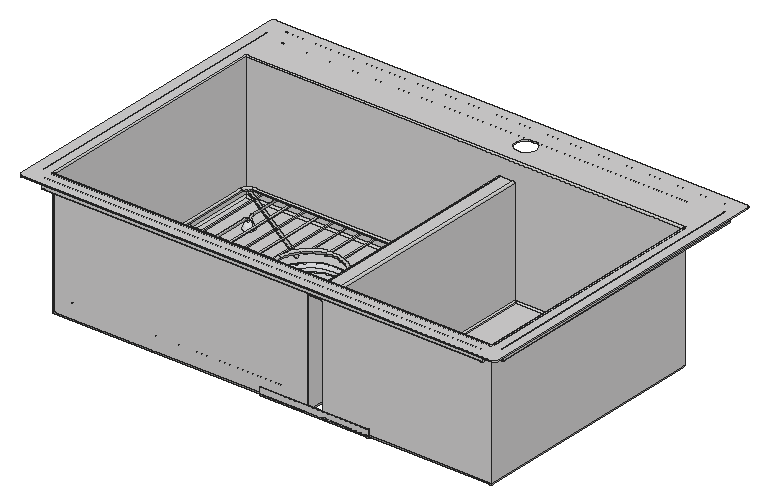
Revit family "Sink-Kitchen-KOHLER-Vault-K-3823_1", category Plumbing Fixtures, host Face, Revit 2015 (continued)
Definition of nested family "K-3823"
  Automatic sketch dimensions
    Sweep 33 sketch curve to Sweep 33 sketch curve = 1/4"
    plane 21 to Sweep 33 sketch curve = 1.15357"
    Sweep 33 sketch curve to plane 9 = 0.4175"
    Sweep 33 sketch curve to Sweep 33 sketch curve = 0.18861"
    Sweep 33 sketch curve to plane 3 "Center (Left/Right)" = 0.00467"
    Sweep 33 sketch curve to profile plane = 0.05252"
    Sweep 34 sketch curve to plane 21 = 1.15357"
    Sweep 34 sketch curve to plane 11 = 2.70139"
    Sweep 34 sketch curve to Sweep 34 sketch curve = 1/4"  (x2)
    plane 10 to Sweep 34 sketch curve = 2.7908"
    Sweep 34 sketch curve to Sweep 34 sketch curve = 0.18861"  (x2)
    Sweep 34 sketch curve to plane 3 "Center (Left/Right)" = 0.00467"
    profile plane to Sweep 34 sketch curve = 0.05252"
    Sweep 35 sketch curve to plane 10 = 2.23264"
    Sweep 35 sketch curve to Sweep 35 sketch curve = 1/4"
    plane 21 to Sweep 35 sketch curve = 1.15357"
    Sweep 35 sketch curve to Sweep 35 sketch curve = 0.46264"
    Sweep 35 sketch curve to Sweep 35 sketch curve = 0.18861"
    Sweep 35 sketch curve to plane 3 "Center (Left/Right)" = 0.00467"
    Sweep 35 sketch curve to profile plane = 0.05252"
    Sweep 36 sketch curve to plane 9 = 2.67795"
    Sweep 36 sketch curve to Sweep 36 sketch curve = 1/4"
    plane 21 to Sweep 36 sketch curve = 1.40357"
    Sweep 36 sketch curve to plane 9 = 0.4175"
    Sweep 36 sketch curve to Sweep 36 sketch curve = 0.18861"
    Sweep 36 sketch curve to profile plane = 0.00467"
    profile plane to Sweep 36 sketch curve = 0.05252"
    plane 21 to Sweep 37 sketch curve = 1.15357"
    plane 11 to Sweep 37 sketch curve = 2.70139"
    Sweep 37 sketch curve to Sweep 37 sketch curve = 1/4"  (x2)
    Sweep 37 sketch curve to plane 10 = 2.7908"
    Sweep 37 sketch curve to Sweep 37 sketch curve = 0.18861"  (x2)
    Sweep 37 sketch curve to profile plane = 0.00467"
    Sweep 37 sketch curve to profile plane = 0.05252"
    Sweep 38 sketch curve to plane 10 = 2.23264"
    Sweep 38 sketch curve to Sweep 38 sketch curve = 1/4"
    plane 21 to Sweep 38 sketch curve = 1.40357"
    Sweep 38 sketch curve to Sweep 38 sketch curve = 0.46264"
    Sweep 38 sketch curve to Sweep 38 sketch curve = 0.18861"
    Sweep 38 sketch curve to profile plane = 0.00467"
    profile plane to Sweep 38 sketch curve = 0.05252"
    Revolve 39 sketch curve to plane 14 = 0"  (x2)
    plane 21 to Revolve 39 sketch curve = 0.20364"
    Revolve 39 sketch curve to Revolve 39 sketch curve = 2.00974"
    Revolve 39 sketch curve to Revolve 39 sketch curve = 0.37046"
    plane 21 to Revolve 39 sketch curve = 0.24445"
    Revolve 39 sketch curve to plane 21 = 0.1829"
    Revolve 39 sketch curve to Revolve 39 sketch curve = 0.33911"
    Extrusion 40 sketch curve to plane 11 = 0"
    Extrusion 40 sketch curve to plane 14 = 0"
    Revolve 41 sketch curve to plane 13 = 0"  (x2)
    plane 15 to Revolve 41 sketch curve = 0.36526"
    Revolve 41 sketch curve to plane 15 = 0.0052"
    plane 21 to Revolve 41 sketch curve = 0.20364"
    plane 21 to Revolve 41 sketch curve = 0.24445"
    Revolve 41 sketch curve to plane 21 = 0.1829"
    Revolve 41 sketch curve to Revolve 41 sketch curve = 0.33911"
    Extrusion 42 sketch curve to plane 11 = 0"  (x4)
    Extrusion 42 sketch curve to plane 14 = 0"  (x2)
    Extrusion 42 sketch curve to plane 14 = 73/256"  (x2)
    Extrusion 42 sketch curve to plane 14 = 0.29338"  (x2)
    Extrusion 42 sketch curve to plane 14 = 0.31297"  (x2)
    Extrusion 42 sketch curve to Extrusion 42 sketch curve = 0.22918"  (x4)
    Extrusion 42 sketch curve to Extrusion 42 sketch curve = 0.27046"  (x4)
    Extrusion 42 sketch curve to Extrusion 42 sketch curve = 0.26625"  (x4)
    Extrusion 42 sketch curve to Extrusion 42 sketch curve = 0.0888"  (x2)
    Extrusion 42 sketch curve to Extrusion 42 sketch curve = 0.2114"  (x8)
    Extrusion 42 sketch curve to Extrusion 42 sketch curve = 0.24276"  (x4)
    Extrusion 42 sketch curve to Extrusion 42 sketch curve = 0.1349"  (x4)
    plane 11 to Extrusion 42 sketch curve = 0.00105"  (x2)
    Extrusion 42 sketch curve to Extrusion 42 sketch curve = 0.04717"  (x2)
    Extrusion 42 sketch curve to Extrusion 42 sketch curve = 0.2036"  (x4)
    Extrusion 42 sketch curve to Extrusion 42 sketch curve = 0.15196"  (x4)
    Extrusion 42 sketch curve to Extrusion 42 sketch curve = 0.095"  (x4)
    Extrusion 42 sketch curve to Extrusion 42 sketch curve = 0.03164"  (x2)
    plane 14 to Extrusion 42 sketch curve = 0.00034"  (x2)
    plane 14 to Extrusion 42 sketch curve = 0.00079"  (x2)
    plane 14 to Extrusion 42 sketch curve = 73/256"  (x2)
    plane 14 to Extrusion 42 sketch curve = 0.29338"  (x2)
    plane 14 to Extrusion 42 sketch curve = 0.31297"  (x2)
    Extrusion 42 sketch curve to plane 11 = 0.28428"  (x2)
    Extrusion 42 sketch curve to plane 11 = 0.29458"  (x2)
    Extrusion 42 sketch curve to plane 11 = 0.31262"  (x2)
    Extrusion 42 sketch curve to Extrusion 42 sketch curve = 0.22813"  (x4)
    Extrusion 42 sketch curve to Extrusion 42 sketch curve = 0.27082"  (x4)
    Extrusion 42 sketch curve to Extrusion 42 sketch curve = 0.264"  (x4)
    Extrusion 42 sketch curve to Extrusion 42 sketch curve = 0.08434"  (x2)
    Extrusion 42 sketch curve to Extrusion 42 sketch curve = 0.24375"  (x4)
    Extrusion 42 sketch curve to Extrusion 42 sketch curve = 0.1397"  (x4)
    Extrusion 42 sketch curve to Extrusion 42 sketch curve = 0.0433"  (x2)
    Extrusion 42 sketch curve to Extrusion 42 sketch curve = 0.2024"  (x4)
    Extrusion 42 sketch curve to Extrusion 42 sketch curve = 0.1518"  (x4)
    Extrusion 42 sketch curve to plane 1 "Center (Front/Back)" = 0.25308"  (x2)
    Extrusion 42 sketch curve to plane 1 "Center (Front/Back)" = 7/32"
    plane 11 to Extrusion 42 sketch curve = 0.28428"  (x2)
    plane 11 to Extrusion 42 sketch curve = 0.29458"  (x2)
    plane 11 to Extrusion 42 sketch curve = 0.31262"  (x2)
    Extrusion 42 sketch curve to Extrusion 42 sketch curve = 0.09386"  (x2)
    Extrusion 42 sketch curve to Extrusion 42 sketch curve = 0.03432"
    Revolve 43 sketch curve to plane 13 = 0"  (x2)
    plane 13 to Revolve 43 sketch curve = 0.05466"
    Revolve 43 sketch curve to Revolve 43 sketch curve = 0.2071"
    plane 21 to Revolve 43 sketch curve = 0.22812"
    Revolve 43 sketch curve to Revolve 43 sketch curve = 1.6198"
    plane 21 to Revolve 43 sketch curve = 0.26344"
    Revolve 43 sketch curve to Revolve 43 sketch curve = 0.05237"
    Revolve 43 sketch curve to Revolve 43 sketch curve = 0.05763"
    plane 21 to Revolve 43 sketch curve = 0.48718"
    Revolve 43 sketch curve to Revolve 43 sketch curve = 0.03277"
    Revolve 43 sketch curve to Revolve 43 sketch curve = 0.22769"
    Revolve 43 sketch curve to Revolve 43 sketch curve = 0.03088"
    Revolve 43 sketch curve to Revolve 43 sketch curve = 0.08165"
    plane 21 to Revolve 43 sketch curve = 0.04058"
    plane 21 to Revolve 43 sketch curve = 0.24951"
    Revolve 43 sketch curve to Revolve 43 sketch curve = 0.1332"
    Revolve 43 sketch curve to Revolve 43 sketch curve = 0.39321"
    Revolve 43 sketch curve to Revolve 43 sketch curve = 0.2503"
    Revolve 43 sketch curve to Revolve 43 sketch curve = 0.03108"
    Revolve 43 sketch curve to Revolve 43 sketch curve = 0"
    Revolve 43 sketch curve to Revolve 43 sketch curve = 0.1585"
    Revolve 43 sketch curve to Revolve 43 sketch curve = 13/64"
    Extrusion 44 sketch curve to plane 11 = 0"  (x4)
    Extrusion 44 sketch curve to plane 13 = 0"  (x2)
    Extrusion 44 sketch curve to plane 13 = 0.00034"  (x2)
    Extrusion 44 sketch curve to plane 13 = 0.28549"  (x2)
    Extrusion 44 sketch curve to plane 13 = 0.29372"  (x2)
    Extrusion 44 sketch curve to plane 13 = 0.31331"  (x2)
    Extrusion 44 sketch curve to Extrusion 44 sketch curve = 0.22918"  (x4)
    Extrusion 44 sketch curve to Extrusion 44 sketch curve = 0.27046"  (x4)
    Extrusion 44 sketch curve to Extrusion 44 sketch curve = 0.26625"  (x4)
    Extrusion 44 sketch curve to Extrusion 44 sketch curve = 0.0888"  (x2)
    Extrusion 44 sketch curve to Extrusion 44 sketch curve = 0.2114"  (x8)
    Extrusion 44 sketch curve to Extrusion 44 sketch curve = 0.24276"  (x4)
    Extrusion 44 sketch curve to Extrusion 44 sketch curve = 0.1349"  (x4)
    plane 11 to Extrusion 44 sketch curve = 0.00105"  (x2)
    Extrusion 44 sketch curve to Extrusion 44 sketch curve = 0.04717"  (x2)
    Extrusion 44 sketch curve to Extrusion 44 sketch curve = 0.2036"  (x4)
    Extrusion 44 sketch curve to Extrusion 44 sketch curve = 0.15196"  (x4)
    Extrusion 44 sketch curve to Extrusion 44 sketch curve = 0.095"  (x4)
    Extrusion 44 sketch curve to Extrusion 44 sketch curve = 0.03164"  (x2)
    plane 13 to Extrusion 44 sketch curve = 0.00045"  (x2)
    plane 13 to Extrusion 44 sketch curve = 0.2848"  (x2)
    plane 13 to Extrusion 44 sketch curve = 0.29304"  (x2)
    plane 13 to Extrusion 44 sketch curve = 0.31262"  (x2)
    Extrusion 44 sketch curve to plane 11 = 0.28428"  (x2)
    Extrusion 44 sketch curve to plane 11 = 0.29458"  (x2)
    Extrusion 44 sketch curve to plane 11 = 0.31262"  (x2)
    Extrusion 44 sketch curve to Extrusion 44 sketch curve = 0.22813"  (x4)
    Extrusion 44 sketch curve to Extrusion 44 sketch curve = 0.27082"  (x4)
    Extrusion 44 sketch curve to Extrusion 44 sketch curve = 0.264"  (x4)
    Extrusion 44 sketch curve to Extrusion 44 sketch curve = 0.08434"  (x2)
    Extrusion 44 sketch curve to Extrusion 44 sketch curve = 0.24375"  (x4)
    Extrusion 44 sketch curve to Extrusion 44 sketch curve = 0.1397"  (x4)
    Extrusion 44 sketch curve to Extrusion 44 sketch curve = 0.0433"  (x2)
    Extrusion 44 sketch curve to Extrusion 44 sketch curve = 0.2024"  (x4)
    Extrusion 44 sketch curve to Extrusion 44 sketch curve = 0.1518"  (x4)
    Extrusion 44 sketch curve to plane 1 "Center (Front/Back)" = 0.25308"  (x2)
    Extrusion 44 sketch curve to plane 1 "Center (Front/Back)" = 7/32"
    plane 11 to Extrusion 44 sketch curve = 0.28428"  (x2)
    plane 11 to Extrusion 44 sketch curve = 0.29458"  (x2)
    plane 11 to Extrusion 44 sketch curve = 0.31262"  (x2)
    Extrusion 44 sketch curve to Extrusion 44 sketch curve = 0.09386"  (x2)
    Extrusion 44 sketch curve to Extrusion 44 sketch curve = 0.03432"
    Revolve 45 sketch curve to plane 22 = 0"
    plane 21 to Revolve 45 sketch curve = 0.33961"
    Revolve 45 sketch curve to plane 14 = 2.28545"
    Revolve 45 sketch curve to plane 21 = 0.07376"
    Revolve 45 sketch curve to Revolve 45 sketch curve = 0.08314"
    plane 21 to Revolve 45 sketch curve = 0.0561"
    Revolve 45 sketch curve to Revolve 45 sketch curve = 0.15475"
    Revolve 45 sketch curve to Revolve 45 sketch curve = 0.19803"
    Revolve 45 sketch curve to Revolve 45 sketch curve = 0.47981"
    Revolve 45 sketch curve to Revolve 45 sketch curve = 0.19779"
    Revolve 45 sketch curve to Revolve 45 sketch curve = 0.06592"
    plane 14 to Revolve 45 sketch curve = 0.00089"  (x2)
    Revolve 45 sketch curve to Revolve 45 sketch curve = 1.03928"
    Revolve 45 sketch curve to plane 22 = 0.44792"
    Revolve 45 sketch curve to Revolve 45 sketch curve = 0.30208"
    Extrusion 46 sketch curve to plane 9 = 0.17136"
    plane 7 to Extrusion 46 sketch curve = 0.68202"
    plane 17 to Extrusion 46 sketch curve = 1.52864"
    Extrusion 46 sketch curve to plane 10 = 1.53386"
    Extrusion 47 sketch curve to plane 9 = 0.17136"
    plane 4 to Extrusion 47 sketch curve = 1.53386"
    Extrusion 47 sketch curve to plane 7 = 0.68202"
    Extrusion 47 sketch curve to plane 10 = 1.53386"
    Extrusion 11 sketch curve to plane 9 = 0.08428"
    Extrusion 11 sketch curve to plane 9 = 0.0355"
    plane 9 to Extrusion 11 sketch curve = 0.12221"
    Extrusion 11 sketch curve to Extrusion 11 sketch curve = 0.00399"
    plane 9 to Extrusion 11 sketch curve = 0.13847"
    Extrusion 11 sketch curve to Extrusion 11 sketch curve = 0.00944"
    Extrusion 11 sketch curve to plane 21 = 0.51971"
    Extrusion 11 sketch curve to Extrusion 11 sketch curve = 0.05903"
    Extrusion 11 sketch curve to Extrusion 11 sketch curve = 0.38212"
    Extrusion 11 sketch curve to Extrusion 11 sketch curve = 0.39257"
    Extrusion 11 sketch curve to Extrusion 11 sketch curve = 0.00204"
    Extrusion 11 sketch curve to Extrusion 11 sketch curve = 0.03686"
    Extrusion 11 sketch curve to Extrusion 11 sketch curve = 0.05847"
    curve 21 to curve 22 = 0"  (x2)
    curve 40 to curve 47 = 0"  (x2)
    curve 41 to curve 45 = 0"  (x2)
    curve 42 to curve 51 = 0"  (x2)
    curve 43 to curve 49 = 0"  (x2)
    curve 83 to curve 200 = 0"  (x2)
    curve 194 to curve 195 = 0"  (x2)
    curve 196 to curve 197 = 0"  (x2)
    curve 198 to curve 199 = 0"  (x2)
    curve 202 to curve 203 = 0"  (x2)
    curve 215 to curve 217 = 0"  (x2)
    curve 216 to curve 218 = 0"  (x2)
    curve 34 to plane 9 = 0"
    curve 302 to plane 11 = 0"
    curve 316 to plane 11 = 0"
    curve 200 to plane 11 = 0"
    curve 200 to plane 14 = 0"
    curve 309 to plane 14 = 0"
    curve 341 to plane 14 = 0"
    curve 332 to plane 11 = 0"
    curve 320 to plane 11 = 0"
    curve 218 to plane 12 = 0"
    curve 194 to plane 3 "Center (Left/Right)" = 0"
    curve 196 to plane 3 "Center (Left/Right)" = 0"
    curve 213 to plane 7 = 0"
    curve 26 to plane 9 = 0"
    curve 215 to plane 12 = 0"
    curve 215 to plane 15 = 0"
    curve 242 to plane 11 = 0"
    curve 256 to plane 11 = 0"
    curve 249 to plane 13 = 0"
    curve 281 to plane 13 = 0"
    curve 201 to plane 11 = 0"
    curve 201 to plane 13 = 0"
    curve 272 to plane 11 = 0"
    curve 260 to plane 11 = 0"
    curve 214 to plane 12 = 0"
    curve 214 to plane 17 = 0"
    curve 213 to plane 12 = 0"
    curve 319 to plane 14 = 0.00034"
    curve 349 to plane 14 = 0.00034"
    curve 35 to plane 14 = 0.0005"
    curve 89 to plane 11 = 0.00096"
    curve 89 to curve 35 = 0.0129"
    curve 82 to plane 11 = 0.00097"
    curve 82 to curve 89 = 0.00183"
    curve 308 to plane 14 = 0.28549"
    curve 340 to plane 14 = 0.28549"
    curve 343 to plane 14 = 0.29372"
    curve 311 to plane 14 = 0.29372"
    curve 318 to plane 14 = 0.31331"
    curve 348 to plane 14 = 0.31331"
    curve 81 to plane 14 = 0.45041"
    curve 80 to plane 14 = 0.48446"
    curve 317 to curve 318 = 0.22918"
    curve 347 to curve 348 = 0.22918"
    curve 307 to curve 308 = 0.27046"
    curve 339 to curve 340 = 0.27046"
    curve 344 to curve 343 = 0.26625"
    curve 312 to curve 311 = 0.26625"
    curve 316 to curve 317 = 0.0888"
    curve 313 to curve 312 = 0.2114"  (x2)
    curve 345 to curve 344 = 0.2114"
    curve 306 to curve 307 = 0.24276"
    curve 338 to curve 339 = 0.24276"
    curve 346 to curve 345 = 0.1349"
    curve 314 to curve 313 = 0.1349"
    plane 11 to curve 315 = 0.00105"
    curve 315 to curve 314 = 0.04717"
    curve 305 to curve 306 = 0.2036"
    curve 337 to curve 338 = 0.2036"
    curve 336 to curve 337 = 0.15196"
    curve 304 to curve 305 = 0.15196"
    curve 303 to curve 304 = 0.095"
    curve 335 to curve 336 = 0.095"
    curve 302 to curve 303 = 0.03164"
    plane 4 to curve 228 = 3.80043"
    plane 4 to curve 236 = 3.80043"
    curve 232 to curve 236 = 0"
    curve 233 to curve 233 = 0.04951"
    curve 230 to curve 230 = 0.04951"
    curve 229 to curve 229 = 0.04951"
    curve 198 to curve 234 = 0.00091"
    curve 203 to curve 229 = 0.00091"
    curve 36 to plane 9 = 0.51769"
    curve 36 to curve 227 = 1.27683"
    curve 43 to curve 235 = 1.27758"
    curve 37 to curve 40 = 0.57498"
    curve 48 to curve 40 = 49/256"
    curve 33 to curve 49 = 1.04713"
    plane 14 to curve 310 = 0.00045"
    plane 14 to curve 342 = 0.00045"
    plane 14 to curve 326 = 0.2848"
    plane 14 to curve 355 = 0.2848"
    plane 14 to curve 356 = 0.29304"
    plane 14 to curve 327 = 0.29304"
    plane 14 to curve 361 = 0.31262"
    plane 14 to curve 334 = 0.31262"
    curve 334 to curve 333 = 0.22918"
    curve 361 to curve 360 = 0.22918"
    curve 355 to curve 354 = 0.27046"
    curve 326 to curve 325 = 0.27046"
    curve 327 to curve 328 = 0.26625"
    curve 356 to curve 357 = 0.26625"
    curve 333 to curve 332 = 0.0888"
    curve 357 to curve 358 = 0.2114"  (x2)
    curve 328 to curve 329 = 0.2114"
    curve 354 to curve 353 = 0.24276"
    curve 325 to curve 324 = 0.24276"
    curve 329 to curve 330 = 0.1349"
    curve 358 to curve 359 = 0.1349"
    plane 11 to curve 331 = 0.00105"
    curve 330 to curve 331 = 0.04717"
    curve 353 to curve 352 = 0.2036"
    curve 324 to curve 323 = 0.2036"
    curve 323 to curve 322 = 0.15196"
    curve 352 to curve 351 = 0.15196"
    curve 322 to curve 321 = 0.095"
    curve 351 to curve 350 = 0.095"
    curve 321 to curve 320 = 0.03164"
    plane 16 to curve 218 = 0.03502"
    curve 222 to plane 3 "Center (Left/Right)" = 0.05043"
    curve 226 to plane 3 "Center (Left/Right)" = 0.05043"
    curve 55 to plane 3 "Center (Left/Right)" = 0.05043"
    curve 224 to plane 3 "Center (Left/Right)" = 0.00091"
    curve 223 to plane 3 "Center (Left/Right)" = 0.00091"
    curve 220 to plane 3 "Center (Left/Right)" = 0.00091"
    curve 225 to curve 42 = 1.27504"
    curve 98 to curve 41 = 1.27504"
    curve 41 to curve 39 = 147/256"
    curve 32 to plane 7 = 0.56283"
    plane 7 to curve 29 = 0.5615"
    plane 15 to curve 242 = 1.0941"
    curve 242 to curve 275 = 0.03164"
    curve 242 to curve 243 = 0.03164"
    curve 243 to curve 244 = 0.095"
    curve 275 to curve 276 = 0.095"
    curve 276 to curve 277 = 0.15196"
    curve 244 to curve 245 = 0.15196"
    plane 11 to curve 255 = 0.00105"
    curve 242 to curve 255 = 0.32746"
    curve 255 to curve 254 = 0.04717"
    curve 255 to curve 286 = 0.04717"
    curve 245 to curve 246 = 0.2036"
    curve 277 to curve 278 = 0.2036"
    curve 286 to curve 285 = 0.1349"
    curve 254 to curve 253 = 0.1349"
    curve 255 to curve 256 = 0.32215"
    curve 253 to curve 252 = 0.2114"  (x2)
    curve 285 to curve 284 = 0.2114"
    curve 278 to curve 279 = 0.24276"
    curve 246 to curve 247 = 0.24276"
    curve 256 to curve 257 = 0.0888"
    curve 256 to curve 287 = 0.0888"
    curve 258 to plane 13 = 0.31331"
    curve 288 to plane 13 = 0.31331"
    curve 251 to plane 13 = 0.29372"
    curve 283 to plane 13 = 0.29372"
    curve 248 to plane 13 = 0.28549"
    curve 280 to plane 13 = 0.28549"
    curve 21 to plane 13 = 0.0005"
    curve 259 to plane 13 = 0.00034"
    curve 289 to plane 13 = 0.00034"
    plane 13 to curve 282 = 0.00045"
    plane 13 to curve 250 = 0.00045"
    plane 13 to curve 295 = 0.2848"
    plane 13 to curve 266 = 0.2848"
    plane 13 to curve 267 = 0.29304"
    plane 13 to curve 296 = 0.29304"
    plane 13 to curve 301 = 0.31262"
    plane 13 to curve 274 = 0.31262"
    curve 301 to curve 300 = 0.22918"
    curve 274 to curve 273 = 0.22918"
    curve 266 to curve 265 = 0.27046"
    curve 295 to curve 294 = 0.27046"
    curve 296 to curve 297 = 0.26625"
    curve 267 to curve 268 = 0.26625"
    curve 273 to curve 272 = 0.0888"
    curve 297 to curve 298 = 0.2114"  (x2)
    curve 268 to curve 269 = 0.2114"
    curve 265 to curve 264 = 0.24276"
    curve 294 to curve 293 = 0.24276"
    curve 298 to curve 299 = 0.1349"
    curve 269 to curve 270 = 0.1349"
    plane 11 to curve 271 = 0.00105"
    curve 270 to curve 271 = 0.04717"
    curve 264 to curve 263 = 0.2036"
    curve 293 to curve 292 = 0.2036"
    curve 263 to curve 262 = 0.15196"
    curve 292 to curve 291 = 0.15196"
    curve 262 to curve 261 = 0.095"
    curve 291 to curve 290 = 0.095"
    curve 261 to curve 260 = 0.03164"
    plane 5 to curve 27 = 1.37076"
    curve 236 to plane 10 = 2.67628"
    curve 224 to plane 10 = 2.67628"
    curve 199 to curve 234 = 0.11354"
    curve 197 to curve 224 = 0.11354"
    curve 235 to curve 198 = 0.11354"
    curve 225 to curve 196 = 0.11354"
    curve 44 to curve 225 = 0.01158"
    curve 34 to curve 49 = 0.29531"
    curve 24 to curve 32 = 0.00089"
    curve 281 to plane 1 "Center (Front/Back)" = 7/32"
    curve 341 to plane 1 "Center (Front/Back)" = 7/32"
    curve 295 to plane 1 "Center (Front/Back)" = 0.25308"
    curve 280 to plane 1 "Center (Front/Back)" = 0.25308"
    curve 340 to plane 1 "Center (Front/Back)" = 0.25308"
    curve 355 to plane 1 "Center (Front/Back)" = 0.25308"
    curve 280 to curve 279 = 0.09386"
    curve 340 to curve 339 = 0.09386"
    curve 295 to curve 294 = 0.09386"
    curve 355 to curve 354 = 0.09386"
    curve 279 to curve 278 = 0.1518"
    curve 354 to curve 353 = 0.1518"
    curve 294 to curve 293 = 0.1518"
    curve 339 to curve 338 = 0.1518"
    curve 281 to curve 282 = 0.32827"
    curve 341 to curve 342 = 0.32827"
    curve 282 to curve 283 = 0.0433"
    curve 342 to curve 356 = 0.0433"
    curve 342 to curve 343 = 0.0433"
    curve 282 to curve 296 = 0.0433"
    curve 353 to curve 352 = 0.2024"
    curve 278 to curve 277 = 0.2024"
    curve 338 to curve 337 = 0.2024"
    curve 293 to curve 292 = 0.2024"
    curve 343 to curve 344 = 0.1397"
    curve 296 to curve 297 = 0.1397"
    curve 283 to curve 284 = 0.1397"
    curve 356 to curve 357 = 0.1397"
    curve 282 to curve 289 = 0.32788"
    curve 342 to curve 349 = 0.32788"
    curve 344 to curve 345 = 0.2114"
    curve 284 to curve 285 = 0.2114"
    curve 337 to curve 336 = 0.24375"
    curve 292 to curve 291 = 0.24375"
    curve 352 to curve 351 = 0.24375"
    curve 277 to curve 276 = 0.24375"
    curve 349 to curve 361 = 0.08434"
    curve 289 to curve 288 = 0.08434"
    curve 289 to curve 301 = 0.08434"
    curve 349 to curve 348 = 0.08434"
    curve 300 to plane 11 = 0.31262"
    curve 287 to plane 11 = 0.31262"
    curve 347 to plane 11 = 0.31262"
    curve 360 to plane 11 = 0.31262"
    curve 286 to plane 11 = 0.29458"
    curve 346 to plane 11 = 0.29458"
    curve 359 to plane 11 = 0.29458"
    curve 299 to plane 11 = 0.29458"
    curve 350 to plane 11 = 0.28428"
    curve 335 to plane 11 = 0.28428"
    curve 290 to plane 11 = 0.28428"
    curve 275 to plane 11 = 0.28428"
    curve 35 to plane 11 = 0.00319"
    curve 22 to plane 11 = 0.00319"
    plane 11 to curve 321 = 0.28428"
    plane 11 to curve 243 = 0.28428"
    plane 11 to curve 303 = 0.28428"
    plane 11 to curve 261 = 0.28428"
    plane 11 to curve 270 = 0.29458"
    plane 11 to curve 314 = 0.29458"
    plane 11 to curve 254 = 0.29458"
    plane 11 to curve 330 = 0.29458"
    plane 11 to curve 257 = 0.31262"
    plane 11 to curve 333 = 0.31262"
    plane 11 to curve 317 = 0.31262"
    plane 11 to curve 273 = 0.31262"
    curve 273 to curve 274 = 0.22813"
    curve 257 to curve 258 = 0.22813"
    curve 317 to curve 318 = 0.22813"
    curve 333 to curve 334 = 0.22813"
    curve 243 to curve 244 = 0.27082"
    curve 321 to curve 322 = 0.27082"
    curve 261 to curve 262 = 0.27082"
    curve 303 to curve 304 = 0.27082"
    curve 270 to curve 269 = 0.264"
    curve 254 to curve 253 = 0.264"
    curve 314 to curve 313 = 0.264"
    curve 330 to curve 329 = 0.264"
    curve 334 to curve 319 = 0.08434"
    curve 274 to curve 259 = 0.08434"
    curve 329 to curve 328 = 0.2114"
    curve 269 to curve 268 = 0.2114"
    curve 322 to curve 323 = 0.24375"
    curve 304 to curve 305 = 0.24375"
    curve 244 to curve 245 = 0.24375"
    curve 262 to curve 263 = 0.24375"
    curve 252 to curve 251 = 0.1397"
    curve 312 to curve 311 = 0.1397"
    curve 328 to curve 327 = 0.1397"
    curve 268 to curve 267 = 0.1397"
    curve 267 to curve 250 = 0.0433"
    curve 327 to curve 310 = 0.0433"
    curve 263 to curve 264 = 0.2024"
    curve 305 to curve 306 = 0.2024"
    curve 245 to curve 246 = 0.2024"
    curve 323 to curve 324 = 0.2024"
    curve 264 to curve 265 = 0.1518"
    curve 306 to curve 307 = 0.1518"
    curve 246 to curve 247 = 0.1518"
    curve 324 to curve 325 = 0.1518"
    curve 325 to curve 326 = 0.09386"
    curve 247 to curve 248 = 0.09386"
    curve 307 to curve 308 = 0.09386"
    curve 265 to curve 266 = 0.09386"
    curve 266 to curve 249 = 0.03432"
    curve 326 to curve 309 = 0.03432"
    curve 226 to curve 41 = 1.73263"
    curve 229 to curve 40 = 1.73188"
    curve 219 to curve 194 = 0.11354"
    curve 229 to curve 203 = 0.11354"
    curve 202 to curve 230 = 0.11354"
    curve 194 to curve 220 = 0.11354"
    curve 90 to curve 81 = 0.09013"
    curve 92 to curve 89 = 0.05618"
    plane 1 "Center (Front/Back)" to curve 168 = 0.20935"
    plane 1 "Center (Front/Back)" to curve 165 = 0.13082"
    curve 79 to curve 90 = 0.88468"
    curve 86 to curve 306 = 0.62652"
    plane 1 "Center (Front/Back)" to curve 167 = 0.30193"
    curve 167 to curve 168 = 0.10359"
    curve 78 to curve 86 = 0.10359"
    plane 11 to curve 149 = 1.2245"
    plane 11 to curve 137 = 1.06589"
    plane 11 to curve 157 = 0.11295"
    curve 164 to plane 11 = 0.11295"
    curve 170 to curve 170 = 0.87327"
    curve 156 to curve 157 = 0.09903"
    curve 163 to plane 11 = 0.11295"
    curve 163 to curve 163 = 0.88507"
    curve 74 to curve 75 = 0.09903"
    curve 171 to curve 174 = 0.87715"
    curve 173 to curve 171 = 0.09903"
    curve 143 to plane 9 = 1.99076"
    curve 202 to curve 143 = 0.97735"
    curve 70 to curve 71 = 0.09903"
    curve 43 to curve 176 = 0.40569"
    curve 68 to curve 69 = 0.09903"
    curve 138 to plane 9 = 0.51819"
    curve 140 to plane 9 = 0.58668"
    curve 166 to plane 10 = 1.95907"
    curve 178 to curve 166 = 0.13294"
    plane 14 to curve 67 = 0.44161"
    plane 14 to curve 85 = 0.44161"
    curve 85 to curve 66 = 0.09903"
    curve 67 to curve 88 = 0.09903"
    plane 1 "Center (Front/Back)" to curve 124 = 0.19724"
    plane 1 "Center (Front/Back)" to curve 96 = 0.11263"
    curve 88 to curve 65 = 0.88459"
    curve 324 to curve 84 = 0.6272"
    plane 1 "Center (Front/Back)" to curve 123 = 0.28335"
    curve 124 to curve 123 = 0.0893"
    curve 84 to curve 64 = 0.09903"
    plane 11 to curve 108 = 1.21233"
    plane 11 to curve 93 = 1.05302"
    plane 11 to curve 115 = 0.11295"
    curve 186 to curve 115 = 0"
    curve 122 to plane 11 = 0.11295"
    curve 193 to curve 122 = 0"
    curve 126 to curve 123 = 0.88756"
    curve 93 to curve 109 = 0.09903"
    curve 62 to curve 61 = 0.88507"
    curve 121 to curve 120 = 0.09903"
    plane 16 to curve 104 = 0.95014"
    curve 107 to curve 105 = 0.09903"
    curve 57 to plane 16 = 0.03472"
    curve 112 to curve 182 = 0.09903"
    plane 11 to curve 181 = 0.11295"
    curve 110 to curve 181 = 0.8719"
    curve 136 to curve 97 = 0.09903"
    curve 94 to plane 9 = 0.51826"
    curve 99 to plane 9 = 0.58725"
    curve 38 to curve 97 = 0.31904"
    curve 97 to curve 135 = 0.13254"
    plane 15 to curve 26 = 0.76258"
    plane 1 "Center (Front/Back)" to curve 24 = 0.45799"
    curve 24 to curve 279 = 0.46828"
    plane 1 "Center (Front/Back)" to curve 23 = 0.45681"
    curve 294 to curve 23 = 0.47122"
    curve 263 to curve 25 = 0.61027"
    curve 167 to curve 167 = 1.13622"
    plane 1 "Center (Front/Back)" to curve 123 = 1.43815"
    curve 169 to curve 167 = 0.12884"
    curve 125 to curve 123 = 0.12884"
    curve 170 to curve 169 = 0.10369"
    curve 126 to curve 125 = 0.10369"
    curve 128 to curve 126 = 0.12995"
    curve 172 to curve 170 = 0.12995"
    curve 169 to curve 172 = 0.91793"
    curve 125 to curve 128 = 0.91793"
    curve 127 to curve 125 = 0.12884"
    curve 171 to curve 169 = 0.12884"
    curve 172 to curve 171 = 0.1048"
    curve 128 to curve 127 = 0.1048"
    curve 174 to curve 172 = 0.13982"
    curve 130 to curve 128 = 0.13982"
    curve 171 to curve 174 = 0.89664"
    curve 127 to curve 130 = 0.89664"
    curve 129 to curve 127 = 0.11896"
    curve 173 to curve 171 = 0.11896"
    curve 174 to curve 173 = 0.13544"
    curve 130 to curve 129 = 0.13544"
    curve 132 to curve 130 = 0.11958"
    curve 175 to curve 174 = 0.11958"
    curve 173 to curve 175 = 0.90743"
    curve 129 to curve 132 = 0.90743"
    curve 131 to curve 129 = 0.11905"
    curve 132 to curve 131 = 0.13597"
    curve 175 to curve 173 = 0.25502"
    curve 177 to curve 175 = 0.14032"
    curve 134 to curve 132 = 0.14032"
    curve 131 to curve 134 = 0.87629"
    curve 176 to curve 177 = 1.00513"
    curve 133 to curve 131 = 0.12884"
    curve 177 to curve 176 = 0.14745"
    curve 134 to curve 133 = 0.14745"
    curve 136 to curve 134 = 0.12995"
    curve 179 to curve 177 = 0.12995"
    curve 43 to curve 176 = 0.75739"
    curve 42 to curve 133 = 0.75739"
    curve 135 to curve 133 = 0.12884"
    curve 178 to curve 176 = 0.12884"
    curve 221 to curve 197 = 0.2479"
    curve 231 to curve 198 = 0.2479"
    curve 196 to curve 197 = 0.00025"
    curve 199 to curve 198 = 0.00025"
    curve 179 to curve 178 = 0.15828"
    curve 136 to curve 135 = 0.15828"
    curve 166 to curve 179 = 0.12995"
    curve 97 to curve 136 = 0.12995"
    curve 170 to curve 167 = 0.22279"
    curve 126 to curve 123 = 0.22264"
    curve 124 to curve 123 = 27/256"
    curve 168 to curve 167 = 0.08686"
    curve 165 to curve 165 = 0.04166"
    curve 96 to curve 96 = 0.05985"
    curve 116 to plane 11 = 0.11295"
    curve 187 to curve 116 = 0"
    curve 188 to curve 187 = 0"
    curve 189 to curve 188 = 0"
    curve 117 to curve 188 = 0"
    curve 190 to plane 11 = 0.11295"
    curve 191 to curve 190 = 0"
    curve 192 to curve 191 = 0"
    curve 118 to curve 189 = 0"
    curve 119 to curve 190 = 0"
    curve 120 to curve 191 = 0"
    curve 121 to curve 192 = 0"
    curve 158 to plane 11 = 0.11295"
    curve 158 to curve 159 = 0"
    curve 162 to curve 163 = 0"
    curve 161 to curve 162 = 0"
    curve 160 to curve 161 = 0"
    plane 11 to curve 156 = 0.11295"
    curve 155 to curve 156 = 0"
    plane 11 to curve 151 = 0.11295"
    curve 154 to curve 155 = 0"
    curve 153 to curve 154 = 0"
    curve 152 to curve 153 = 0"
    plane 11 to curve 95 = 0.11295"
    curve 115 to curve 185 = 0"
    curve 185 to curve 184 = 0"
    curve 184 to curve 183 = 0"
    curve 114 to curve 185 = 0"
    curve 113 to curve 184 = 0"
    curve 112 to curve 183 = 0"
    curve 112 to curve 111 = 0"
    curve 110 to curve 181 = 0"
    curve 182 to curve 111 = 0"
    curve 180 to curve 95 = 0"
    curve 137 to curve 137 = 0.3348"
    curve 93 to curve 93 = 0.34768"
    curve 137 to curve 150 = 0.06134"
    curve 93 to curve 109 = 0.06134"
    curve 263 to curve 25 = 0.7125"
    curve 150 to curve 149 = 41/256"
    curve 109 to curve 108 = 41/256"
    curve 108 to curve 106 = 0.0611"
    curve 149 to curve 147 = 0.0611"
    curve 147 to curve 150 = 0.32708"
    curve 106 to curve 109 = 0.32708"
    curve 109 to curve 107 = 0.06107"
    curve 150 to curve 148 = 0.06107"
    curve 148 to curve 147 = 41/256"
    curve 107 to curve 106 = 41/256"
    curve 147 to curve 145 = 0.0616"
    curve 106 to curve 104 = 0.0616"
    curve 203 to curve 229 = 0.2479"
    curve 195 to curve 219 = 0.2479"
    curve 203 to curve 202 = 0.00025"
    curve 195 to curve 194 = 0.00025"
    curve 104 to curve 107 = 0.32165"
    curve 145 to curve 148 = 0.32165"
    curve 107 to curve 105 = 0.06109"
    curve 148 to curve 146 = 0.06109"
    curve 146 to curve 145 = 0.16067"
    curve 105 to curve 104 = 0.16067"
    curve 145 to curve 143 = 0.06135"
    curve 104 to curve 102 = 0.06135"
    curve 102 to curve 105 = 0.32654"
    curve 146 to curve 143 = 0.22225"
    curve 105 to curve 103 = 0.06133"
    curve 146 to curve 144 = 0.06133"
    curve 103 to curve 102 = 0.16092"
    curve 143 to curve 141 = 0.06135"
    curve 102 to curve 100 = 0.06135"
    curve 194 to curve 103 = 0.74228"
    curve 202 to curve 144 = 0.74228"
    curve 103 to curve 101 = 0.06108"
    curve 144 to curve 142 = 0.06108"
    curve 142 to curve 141 = 0.16119"
    curve 101 to curve 100 = 0.16119"
    curve 141 to curve 139 = 0.06135"
    curve 100 to curve 98 = 0.06135"
    curve 40 to curve 142 = 0.08613"
    curve 41 to curve 101 = 0.08537"
    curve 142 to curve 140 = 0.06132"
    curve 101 to curve 99 = 0.06132"
    curve 140 to curve 139 = 0.16144"
    curve 99 to curve 98 = 0.16144"
    curve 98 to curve 94 = 0.06135"
    curve 139 to curve 138 = 0.06135"
    Extrusion 49 sketch curve to plane 11 = 0"  (x2)
    Extrusion 49 sketch curve to plane 14 = 0"
    Extrusion 49 sketch curve to plane 13 = 0"
    Masking region 2 sketch curve to level = 0"  (x4)
    Masking region 2 sketch curve to plane 10 = 0"
    Masking region 2 sketch curve to plane 18 = 0"  (x2)
    Masking region 2 sketch curve to plane 22 = 0"
    Masking region 2 sketch curve to plane 8 = 0"
    plane 6 to Masking region 2 sketch curve = 0"
    Masking region 2 sketch curve to level = 0.19756"
    Masking region 2 sketch curve to plane 10 = 0.45"
    Masking region 2 sketch curve to Masking region 2 sketch curve = 0.03"  (x2)
    Masking region 2 sketch curve to Masking region 2 sketch curve = 0.02582"
    Masking region 2 sketch curve to Masking region 2 sketch curve = 0.00043"  (x3)
    Masking region 2 sketch curve to level = 0.02705"  (x4)
    Masking region 2 sketch curve to Masking region 2 sketch curve = 0.06821"
    Masking region 2 sketch curve to level = 0.03"  (x2)
    Masking region 2 sketch curve to Masking region 2 sketch curve = 0.03292"  (x3)
    Masking region 2 sketch curve to Masking region 2 sketch curve = 0.01387"  (x4)
    Masking region 2 sketch curve to level = 0.054"
    Masking region 2 sketch curve to Masking region 2 sketch curve = 0.135"  (x2)
    Masking region 2 sketch curve to Masking region 2 sketch curve = 0.2"
    Masking region 2 sketch curve to Masking region 2 sketch curve = 0.03141"
    Masking region 2 sketch curve to Masking region 2 sketch curve = 0.02482"
    Masking region 2 sketch curve to Masking region 2 sketch curve = 0.05109"
    Masking region 2 sketch curve to Masking region 2 sketch curve = 3/8"
    Masking region 2 sketch curve to plane 10 = 1.279"
    Masking region 2 sketch curve to Masking region 2 sketch curve = 0.048"
    plane 21 to Masking region 2 sketch curve = 0.5234"
    Masking region 2 sketch curve to Masking region 2 sketch curve = 0.16574"
    Masking region 2 sketch curve to Masking region 2 sketch curve = 0.17193"
    plane 21 to Masking region 2 sketch curve = 0.55585"
    Masking region 2 sketch curve to Masking region 2 sketch curve = 0.43987"
    plane 21 to Masking region 2 sketch curve = 0.25315"  (x2)
    plane 1 "Center (Front/Back)" to Masking region 2 sketch curve = 0.7127"
    Masking region 2 sketch curve to plane 21 = 0.06949"  (x2)
    Masking region 2 sketch curve to Masking region 2 sketch curve = 0.02149"
    plane 21 to Masking region 2 sketch curve = 0.05324"  (x2)
    Masking region 2 sketch curve to Masking region 2 sketch curve = 0.14626"
    Masking region 2 sketch curve to Masking region 2 sketch curve = 0.19632"  (x2)
    Masking region 2 sketch curve to plane 1 "Center (Front/Back)" = 0.1832"
    plane 22 to Masking region 2 sketch curve = 5/64"  (x2)
    Masking region 2 sketch curve to plane 1 "Center (Front/Back)" = 0.37534"
    plane 11 to Masking region 2 sketch curve = 1.04653"
    Masking region 2 sketch curve to Masking region 2 sketch curve = 0.19214"
    Masking region 2 sketch curve to Masking region 2 sketch curve = 0.48716"
    Masking region 2 sketch curve to Masking region 2 sketch curve = 0.04467"
    Masking region 2 sketch curve to Masking region 2 sketch curve = 0.16775"
    Masking region 2 sketch curve to plane 9 = 0.14818"
    Masking region 2 sketch curve to plane 9 = 0.12436"
    plane 9 to Masking region 2 sketch curve = 0.0355"
    Masking region 2 sketch curve to Masking region 2 sketch curve = 0.04878"
    plane 12 to Masking region 2 sketch curve = 1.21239"
    plane 18 to Masking region 2 sketch curve = 0.0566"
    Masking region 2 sketch curve to Masking region 2 sketch curve = 0.35028"
    Masking region 2 sketch curve to Masking region 2 sketch curve = 0.02983"
    Masking region 2 sketch curve to Masking region 2 sketch curve = 0.02584"
    Masking region 2 sketch curve to Masking region 2 sketch curve = 0.001"
    Masking region 2 sketch curve to Masking region 2 sketch curve = 0.02425"
    Masking region 2 sketch curve to Masking region 2 sketch curve = 0.0682"
    Masking region 2 sketch curve to Masking region 2 sketch curve = 0.19899"
    Masking region 2 sketch curve to Masking region 2 sketch curve = 0.03085"
    Masking region 2 sketch curve to Masking region 2 sketch curve = 0.0254"
    Masking region 2 sketch curve to Masking region 2 sketch curve = 1.03272"  (x2)
    plane 21 to Masking region 2 sketch curve = 0.47915"
    Masking region 2 sketch curve to Masking region 2 sketch curve = 0.04829"
    Masking region 2 sketch curve to Masking region 2 sketch curve = 0.04074"
    Masking region 2 sketch curve to Masking region 2 sketch curve = 0.43777"
    plane 18 to Masking region 2 sketch curve = 0.05296"
    Masking region 2 sketch curve to Masking region 2 sketch curve = 0.00365"
    Masking region 2 sketch curve to Masking region 2 sketch curve = 0.00114"
    plane 18 to Masking region 2 sketch curve = 0.05599"  (x2)
    Masking region 2 sketch curve to Masking region 2 sketch curve = 0.00244"  (x2)
    Masking region 2 sketch curve to Masking region 2 sketch curve = 0.16309"
    Masking region 2 sketch curve to Masking region 2 sketch curve = 0.16119"
    Masking region 2 sketch curve to Masking region 2 sketch curve = 0.15875"  (x2)
    Masking region 2 sketch curve to Masking region 2 sketch curve = 0.17943"  (x3)
    Masking region 2 sketch curve to Masking region 2 sketch curve = 0.00802"  (x3)
    Masking region 2 sketch curve to Masking region 2 sketch curve = 0.00799"
    Masking region 2 sketch curve to Masking region 2 sketch curve = 0.39555"
    Masking region 2 sketch curve to Masking region 2 sketch curve = 0.03602"
    Masking region 2 sketch curve to Masking region 2 sketch curve = 0.38187"
    curve 204 to level = 0"
    curve 205 to level = 0"
    curve 18 to plane 18 = 0"
    curve 211 to plane 21 = 0"
    curve 206 to level = 0"
    plane 21 to curve 365 = 0.7236"
    curve 365 to plane 10 = 1.327"
    plane 21 to curve 364 = 0.57074"
    curve 365 to curve 364 = 0.14741"
    curve 367 to plane 9 = 0.14798"
    curve 363 to plane 9 = 0.12881"
    plane 9 to curve 362 = 0.0355"
    plane 21 to curve 363 = 0.55627"
    curve 19 to level = 0.18003"
    curve 19 to plane 10 = 1 1/4"
    plane 18 to curve 241 = 0.0584"
    curve 241 to curve 19 = 0"
    curve 205 to curve 19 = 0"
    curve 204 to curve 205 = 0.52"
    curve 204 to curve 204 = 0.135"
    curve 241 to curve 18 = 0.077"
    curve 20 to curve 366 = 0.1043"
    plane 21 to curve 364 = 0.55585"
    curve 364 to curve 364 = 0.4102"
    plane 21 to curve 17 = 0.253"
    plane 1 "Center (Front/Back)" to curve 17 = 0.7097"
    curve 17 to curve 211 = 0.19632"
    curve 212 to plane 1 "Center (Front/Back)" = 0.1832"
    plane 11 to curve 212 = 1.3168"
    curve 212 to curve 211 = 0.69658"
    curve 211 to curve 17 = 0.19632"
    curve 363 to curve 363 = 0.3911"
    plane 9 to curve 18 = 0.0355"
    plane 12 to curve 205 = 1.21239"
    curve 241 to curve 205 = 0"
    curve 19 to curve 205 = 0"
    curve 205 to curve 206 = 0.49511"
    curve 206 to curve 206 = 0.135"
    plane 22 to curve 212 = 1.30299"
    curve 363 to curve 363 = 0.04111"
    curve 366 to curve 365 = 0.4094"
    curve 367 to curve 362 = 0.39425"
    Revolve 48 sketch curve to plane 22 = 0"
    Revolve 48 sketch curve to plane 13 = 0"  (x2)
    plane 22 to Revolve 48 sketch curve = 0.06592"
    plane 13 to Revolve 48 sketch curve = 1.05963"
    Revolve 48 sketch curve to Revolve 48 sketch curve = 0.19779"
    Revolve 48 sketch curve to Revolve 48 sketch curve = 0.47981"
    Revolve 48 sketch curve to plane 21 = 0.07376"
    Revolve 48 sketch curve to Revolve 48 sketch curve = 0.19803"
    plane 21 to Revolve 48 sketch curve = 0.0561"
    Revolve 48 sketch curve to Revolve 48 sketch curve = 0.04726"
    plane 21 to Revolve 48 sketch curve = 0.41075"
    Revolve 48 sketch curve to Revolve 48 sketch curve = 0.29759"
    Revolve 48 sketch curve to Revolve 48 sketch curve = 1.11245"
    Revolve 48 sketch curve to Revolve 48 sketch curve = 0.30208"
    Revolve 48 sketch curve to plane 22 = 0.44792"
    Extrusion 27 sketch curve to plane 16 = 0"
    Extrusion 27 sketch curve to plane 15 = 0"
    Extrusion 28 sketch curve to plane 17 = 0"
    radius of Extrusion 12 sketch curve = 0.05252"  (x14)
    radius of Sweep 13 sketch curve = 3/32"
    radius of Sweep 14 sketch curve = 2"
    radius of Sweep 14 sketch curve = 0.09437"
    radius of Extrusion 15 sketch curve = 0.09356"
    radius of Extrusion 16 sketch curve = 0.09356"
    radius of Extrusion 17 sketch curve = 0.09282"
    radius of Extrusion 18 sketch curve = 0.09356"
    radius of Extrusion 19 sketch curve = 0.09356"
    radius of Extrusion 20 sketch curve = 0.09282"
    radius of Extrusion 26 sketch curve = 23/32"
    radius of Sweep 33 sketch curve = 0.05252"
    radius of Sweep 34 sketch curve = 0.05252"
    radius of Sweep 35 sketch curve = 0.05252"
    radius of Sweep 36 sketch curve = 0.05252"
    radius of Sweep 37 sketch curve = 0.05252"
    radius of Sweep 38 sketch curve = 0.05252"
    radius of Extrusion 40 sketch curve = 2.0794"
    radius of Extrusion 42 sketch curve = 0.09468"  (x60)
    radius of Extrusion 44 sketch curve = 0.09468"  (x60)
    radius of curve 22 = 1.81518"
    radius of curve 35 = 1.81518"
    radius of curve 83 = 1.946"
    radius of curve 200 = 0.29097"
    radius of curve 201 = 0.29097"
    radius of curve 213 = 23/32"
    radius of curve 214 = 23/32"
    radius of curve 215 = 23/32"
    radius of curve 216 = 23/32"
    radius of curve 217 = 23/32"
    radius of curve 218 = 23/32"
    radius of curve 242 = 0.09468"
    radius of curve 243 = 0.09468"
    radius of curve 244 = 0.09468"
    radius of curve 245 = 0.09468"
    radius of curve 246 = 0.09468"
    radius of curve 247 = 0.09468"
    radius of curve 248 = 0.09468"
    radius of curve 249 = 0.09468"
    radius of curve 250 = 0.09468"
    radius of curve 251 = 0.09468"
    radius of curve 252 = 0.09468"
    radius of curve 253 = 0.09468"
    radius of curve 254 = 0.09468"
    radius of curve 255 = 0.09468"
    radius of curve 256 = 0.09468"
    radius of curve 257 = 0.09468"
    radius of curve 258 = 0.09468"
    radius of curve 259 = 0.09468"
    radius of curve 260 = 0.09468"
    radius of curve 261 = 0.09468"
    radius of curve 262 = 0.09468"
    radius of curve 263 = 0.09468"
    radius of curve 264 = 0.09468"
    radius of curve 265 = 0.09468"
    radius of curve 266 = 0.09468"
    radius of curve 267 = 0.09468"
    radius of curve 268 = 0.09468"
    radius of curve 269 = 0.09468"
    radius of curve 270 = 0.09468"
    radius of curve 271 = 0.09468"
    radius of curve 272 = 0.09468"
    radius of curve 273 = 0.09468"
    radius of curve 274 = 0.09468"
    radius of curve 275 = 0.09468"
    radius of curve 276 = 0.09468"
    radius of curve 277 = 0.09468"
    radius of curve 278 = 0.09468"
    radius of curve 279 = 0.09468"
    radius of curve 280 = 0.09468"
    radius of curve 281 = 0.09468"
    radius of curve 282 = 0.09468"
    radius of curve 283 = 0.09468"
    radius of curve 284 = 0.09468"
    radius of curve 285 = 0.09468"
    radius of curve 286 = 0.09468"
    radius of curve 287 = 0.09468"
    radius of curve 288 = 0.09468"
    radius of curve 289 = 0.09468"
    radius of curve 290 = 0.09468"
    radius of curve 291 = 0.09468"
    radius of curve 292 = 0.09468"
    radius of curve 293 = 0.09468"
    radius of curve 294 = 0.09468"
    radius of curve 295 = 0.09468"
    radius of curve 296 = 0.09468"
    radius of curve 297 = 0.09468"
    radius of curve 298 = 0.09468"
    radius of curve 299 = 0.09468"
    radius of curve 300 = 0.09468"
    radius of curve 301 = 0.09468"
    radius of curve 302 = 0.09468"
    radius of curve 303 = 0.09468"
    radius of curve 304 = 0.09468"
    radius of curve 305 = 0.09468"
    radius of curve 306 = 0.09468"
    radius of curve 307 = 0.09468"
    radius of curve 308 = 0.09468"
    radius of curve 309 = 0.09468"
    radius of curve 310 = 0.09468"
    radius of curve 311 = 0.09468"
    radius of curve 312 = 0.09468"
    radius of curve 313 = 0.09468"
    radius of curve 314 = 0.09468"
    radius of curve 315 = 0.09468"
    radius of curve 316 = 0.09468"
    radius of curve 317 = 0.09468"
    radius of curve 318 = 0.09468"
    radius of curve 319 = 0.09468"
    radius of curve 320 = 0.09468"
    radius of curve 321 = 0.09468"
    radius of curve 322 = 0.09468"
    radius of curve 323 = 0.09468"
    radius of curve 324 = 0.09468"
    radius of curve 325 = 0.09468"
    radius of curve 326 = 0.09468"
    radius of curve 327 = 0.09468"
    radius of curve 328 = 0.09468"
    radius of curve 329 = 0.09468"
    radius of curve 330 = 0.09468"
    radius of curve 331 = 0.09468"
    radius of curve 332 = 0.09468"
    radius of curve 333 = 0.09468"
    radius of curve 334 = 0.09468"
    radius of curve 335 = 0.09468"
    radius of curve 336 = 0.09468"
    radius of curve 337 = 0.09468"
    radius of curve 338 = 0.09468"
    radius of curve 339 = 0.09468"
    radius of curve 340 = 0.09468"
    radius of curve 341 = 0.09468"
    radius of curve 342 = 0.09468"
    radius of curve 343 = 0.09468"
    radius of curve 344 = 0.09468"
    radius of curve 345 = 0.09468"
    radius of curve 346 = 0.09468"
    radius of curve 347 = 0.09468"
    radius of curve 348 = 0.09468"
    radius of curve 349 = 0.09468"
    radius of curve 350 = 0.09468"
    radius of curve 351 = 0.09468"
    radius of curve 352 = 0.09468"
    radius of curve 353 = 0.09468"
    radius of curve 354 = 0.09468"
    radius of curve 355 = 0.09468"
    radius of curve 356 = 0.09468"
    radius of curve 357 = 0.09468"
    radius of curve 358 = 0.09468"
    radius of curve 359 = 0.09468"
    radius of curve 360 = 0.09468"
    radius of curve 361 = 0.09468"
    radius of Extrusion 49 sketch curve = 2.12831"
    radius of Extrusion 49 sketch curve = 2 33/256"
    radius of Extrusion 27 sketch curve = 23/32"  (x2)
    radius of Extrusion 28 sketch curve = 23/32"
Types (4): name | Type | Single Faucet Hole | Product Page URL | Product Documentation Link | Model | Fourth Hole | Faucet Hole Spacing | Description | 3 Faucet Hole | 4 Faucet Hole
  (no name) | 1 | yes | "http://www.us.kohler.com/us/catalog/productDetails.jsp?productNumber=3823-1" | "https://www.us.kohler.com/webassets/kpna/catalog/pdf/en/K-3823-1_spec.pdf" | "K-3823-1-NA" | 0" | 0" | "33 inch x 22 inch x 9-5/16 inch top-/under-mount large/medium double-bowl kitchen sink with single faucet hole" | no | no
  Single Hole,NA-Stainless | 1 | yes | "http://www.us.kohler.com/us/catalog/productDetails.jsp?productNumber=3823-1" | "https://www.us.kohler.com/webassets/kpna/catalog/pdf/en/K-3823-1_spec.pdf" | "K-3823-1-NA" | 0" | 0" | "33 inch x 22 inch x 9-5/16 inch top-/under-mount large/medium double-bowl kitchen sink with single faucet hole" | no | no
  3 Faucet Hole,NA-Stainless | 3 | no | "http://www.us.kohler.com/us/catalog/productDetails.jsp?productNumber=3823-3" | "https://www.us.kohler.com/webassets/kpna/catalog/pdf/en/K-3823-3_spec.pdf" | "K-3823-3-NA" | 0" | 8" | "33 inch x 22 inch x 9-5/16 inch top-/under-mount large/medium double-bowl kitchen sink with 3 faucet hole" | yes | no
  4 Faucet Hole,NA-Stainless | 2 | no | "http://www.us.kohler.com/us/catalog/productDetails.jsp?productNumber=3823-4" | "https://www.us.kohler.com/webassets/kpna/catalog/pdf/en/K-3823-4_spec.pdf" | "K-3823-4-NA" | 6 1/2" | 8" | "33 inch x 22 inch x 9-5/16 inch top-/under-mount large/medium double-bowl kitchen sink with 4 faucet hole" | no | yes
